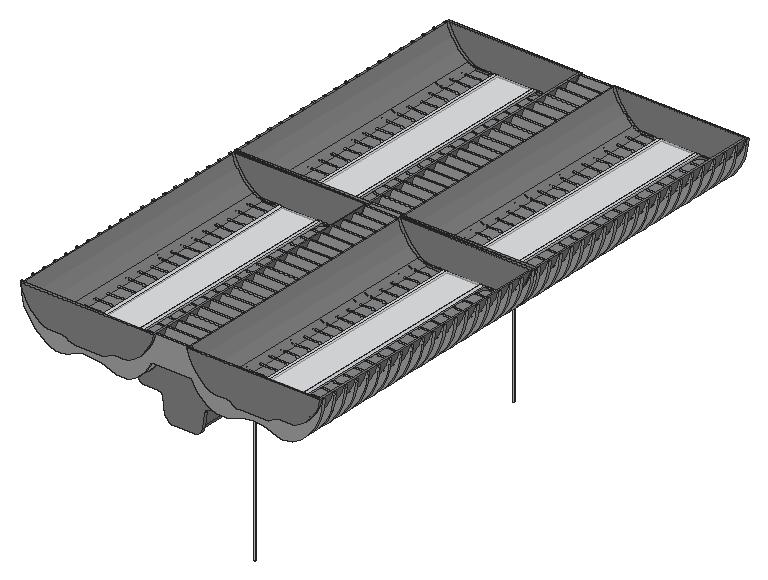
Revit family "0039271 Feilo Sylvania Lighting Fixtures SYLBAY LED 4000K 37KLM AISLE DALI", category Lighting Fixtures, host Face, Revit 2017 (continued)
Definition of nested family "SylbayBody"
  Definition of nested family "SlybayRib"
    Forms (mm)
      Extrusion 2, solid, material <- "BodyMaterial"
        sketch origin (0, 0, 0) x (1, 0, 0) y (0, 0, 1)
          loop
            arc (-117.917, -43.728) -> (-121.079, -43.215) -> (-123.917, -41.728) r 10
            line (-123.917, -41.728) -> (-126.583, -39.728)
            arc (-126.583, -39.728) -> (-129.421, -38.242) -> (-132.583, -37.728) r 10
            line (-132.583, -37.728) -> (-145.75, -37.728)
            arc (-145.75, -37.728) -> (-153.193, -36.71) -> (-160.088, -33.728) r 27.697
            arc (-160.088, -33.728) -> (-176.046, -19.314) -> (-185.5, 0) r 56.788
            line (-185.5, 0) -> (-187.5, 0)
        from 1.25 <- "RibExtrusionStart_FEILO" to -1.25 <- "RibExtrusionEnd_FEILO"
    Dimensions and locks
      equal spacing: plane 5, plane 3 "Center (Left/Right)", plane 4
      locked: plane 5 to plane 4 at 375
      locked: plane 6 to plane 7 at 62.478
      locked: plane 6 to plane 8 at 53.728
      equal spacing: plane 10, plane 3 "Center (Left/Right)", plane 9
      plane 3 "Center (Left/Right)" to plane 9 = 102.75 mm
      locked: plane 6 to plane 11 at 33.728
      equal spacing: plane 13, plane 9, plane 12
      locked: plane 14 to plane 8 at 10
      equal spacing: plane 16, plane 9, plane 15
      locked: plane 9 to plane 15 at 20
      locked: plane 17 to plane 14 at 6
      equal spacing: plane 19, plane 9, plane 18
      locked: plane 15 to plane 18 at 8
      equal spacing: plane 21, plane 9, plane 20
      locked: plane 18 to plane 20 at 15
      locked: plane 13 to plane 22 at 5.3
      locked: plane 3 "Center (Left/Right)" to Extrusion 2 sketch curve at 83.982  (x2)
      locked: plane 3 "Center (Left/Right)" to Extrusion 2 sketch curve at 79.005  (x2)
      locked: plane 3 "Center (Left/Right)" to Extrusion 2 sketch curve at 119.907  (x2)
      locked: plane 3 "Center (Left/Right)" to Extrusion 2 sketch curve at 61.405  (x2)
      locked: plane 3 "Center (Left/Right)" to Extrusion 2 sketch curve at 138.973  (x2)
      locked: plane 3 "Center (Left/Right)" to Extrusion 2 sketch curve at 84.583  (x2)
      locked: plane 3 "Center (Left/Right)" to Extrusion 2 sketch curve at 117.917  (x2)
      locked: plane 3 "Center (Left/Right)" to Extrusion 2 sketch curve at 132.583  (x2)
      locked: plane 3 "Center (Left/Right)" to Extrusion 2 sketch curve at 69.917  (x2)
      locked: Extrusion 2 sketch curve to plane 6 at 21.825  (x2)
      locked: Extrusion 2 sketch curve to plane 6 at 0.822  (x2)
      locked: plane 6 to Extrusion 2 sketch curve at 10.994  (x2)
      locked: plane 6 to Extrusion 2 sketch curve at 15.285  (x2)
      locked: plane 6 to Extrusion 2 sketch curve at 31.076  (x2)
      locked: plane 6 to Extrusion 2 sketch curve at 33.728  (x4)
      locked: plane 6 to Extrusion 2 sketch curve at 29.917  (x2)
      locked: plane 6 to Extrusion 2 sketch curve at 47.728  (x4)
      locked: plane 6 to Extrusion 2 sketch curve at 100.413  (x2)
      locked: plane 6 to Extrusion 2 sketch curve at 141.419  (x2)
      locked: plane 3 "Center (Left/Right)" to Extrusion 2 sketch curve at 106.788  (x2)
      locked: plane 3 "Center (Left/Right)" to Extrusion 2 sketch curve at 104.198  (x2)
      locked: plane 3 "Center (Left/Right)" to Extrusion 2 sketch curve at 130.69  (x2)
      locked: Extrusion 2 sketch curve to plane 6 at 14.858  (x2)
      locked: plane 6 to Extrusion 2 sketch curve at 10.032  (x2)
      locked: plane 3 "Center (Left/Right)" to Extrusion 2 sketch curve at 145.75  (x2)
      aligned and locked: plane 2 to Extrusion 1
      aligned and locked: level to Extrusion 1
      aligned and locked: plane 6 to Extrusion 2 sketch curve
      aligned and locked: plane 4 to Extrusion 2 sketch curve
      aligned and locked: plane 17 to Extrusion 2 sketch curve
      aligned and locked: plane 14 to Extrusion 2 sketch curve
      aligned and locked: Extrusion 2 sketch curve to plane 17
      aligned and locked: plane 8 to Extrusion 2 sketch curve  (x3)
      aligned and locked: plane 2 to plane 6
      aligned and locked: plane 20 to Extrusion 2 sketch curve
      aligned and locked: plane 11 to Extrusion 2 sketch curve  (x2)
      aligned and locked: plane 12 to Extrusion 2 sketch curve
      aligned and locked: Extrusion 2 sketch curve to plane 6
      aligned and locked: Extrusion 2 sketch curve to level
      aligned and locked: Extrusion 2 sketch curve to plane 11
    Automatic sketch dimensions
      Extrusion 1 sketch curve to Extrusion 1 sketch curve = 2438.4 mm  (x2)
      Extrusion 2 sketch curve to plane 11 = 0 mm  (x6)
      Extrusion 2 sketch curve to plane 8 = 0 mm  (x7)
      Extrusion 2 sketch curve to plane 17 = 0 mm
      Extrusion 2 sketch curve to plane 5 = 0 mm
      Extrusion 2 sketch curve to plane 14 = 0 mm
      Extrusion 2 sketch curve to plane 17 = 2 mm  (x3)
      Extrusion 2 sketch curve to plane 15 = 1.167 mm
      plane 14 to Extrusion 2 sketch curve = 2 mm  (x3)
      Extrusion 2 sketch curve to plane 19 = 1.167 mm
Definition of nested family "SlybayRib"
  Parameters (values of type "SylbayRib")
    URL = "http://www.feilosylvania.com"
    Type Image = (empty or 0)
    Type Comments = "n/a"
    RibThickness_FEILO = 2.5 mm
    RibExtrusionStart_FEILO = RibThickness_FEILO / 2  # 1.25 mm
    RibExtrusionEnd_FEILO = -RibThickness_FEILO / 2  # -1.25 mm
    RibDistance_FEILO = 0 mm
    Model = ""
    Manufacturer = "Feilo Sylvania"
    Keynote = ""
    Description = "n/a"
    Default Elevation = 1219.2 mm
    Cost = 0
    BodyMaterial = none
    Assembly Code = ""
  Reference planes
    plane 1 "Center (Front/Back)": y = 0
    plane 2: z = 0
    plane 3 "Center (Left/Right)": x = 0
    plane 4: x = -187.5
    plane 5: x = 187.5
    plane 6: z = 0
    plane 7: z = -62.478
    plane 8: z = -53.728
    plane 9: x = -102.75
    plane 10: x = 102.75
    plane 11: z = -33.728
    plane 12: x = -185.5
    plane 13: x = -20
    plane 14: z = -43.728
    plane 15: x = -122.75
    plane 16: x = -82.75
    plane 17: z = -37.728
    plane 18: x = -130.75
    plane 19: x = -74.75
    plane 20: x = -145.75
    plane 21: x = -59.75
    plane 22: x = -25.3
  Forms (mm)
    Extrusion 1, solid
      sketch origin (4.2, 0, 0) x (1, 0, 0) y (0, 1, 0)
        loop
          line (-1219.2, 1219.2) -> (-1219.2, -1219.2) -> (1219.2, -1219.2) -> (1219.2, 1219.2) -> (-1219.2, 1219.2)
      from 0 to -304.8
    Extrusion 2, solid, material <- "BodyMaterial"
      sketch origin (0, 0, 0) x (1, 0, 0) y (0, 0, 1)
        loop
          arc (-187.5, 0) -> (-180.003, -30.129) -> (-159.829, -53.728) r 67.598
          arc (-159.829, -53.728) -> (-143.258, -61.567) -> (-125.169, -58.599) r 30.791
          arc (-125.169, -58.599) -> (-113.533, -54.576) -> (-101.25, -53.728) r 46.777
          arc (-101.25, -53.728) -> (-87.202, -55.765) -> (-73.664, -60.037) r 87.865
          arc (-73.664, -60.037) -> (-55.541, -61.903) -> (-39.258, -53.728) r 32.519
          arc (-39.258, -53.728) -> (-31.199, -44.469) -> (-25.254, -33.728) r 58.361
          line (-25.254, -33.728) -> (25.254, -33.728)
          arc (25.254, -33.728) -> (31.199, -44.469) -> (39.258, -53.728) r 58.361
          arc (39.258, -53.728) -> (55.541, -61.903) -> (73.664, -60.037) r 32.519
          arc (73.664, -60.037) -> (87.202, -55.765) -> (101.25, -53.728) r 87.865
          arc (101.25, -53.728) -> (113.533, -54.576) -> (125.169, -58.599) r 46.777
          arc (125.169, -58.599) -> (143.258, -61.567) -> (159.829, -53.728) r 30.791
          arc (159.829, -53.728) -> (180.003, -30.129) -> (187.5, 0) r 67.598
          line (187.5, 0) -> (185.5, 0)
          arc (185.5, 0) -> (176.046, -19.314) -> (160.088, -33.728) r 56.788
          arc (160.088, -33.728) -> (153.193, -36.71) -> (145.75, -37.728) r 27.697
          line (145.75, -37.728) -> (132.583, -37.728)
          arc (132.583, -37.728) -> (129.421, -38.242) -> (126.583, -39.728) r 10
          line (126.583, -39.728) -> (123.917, -41.728)
          arc (123.917, -41.728) -> (121.079, -43.215) -> (117.917, -43.728) r 10
          line (117.917, -43.728) -> (84.583, -43.728)
          arc (84.583, -43.728) -> (81.421, -43.215) -> (78.583, -41.728) r 10
          line (78.583, -41.728) -> (75.917, -39.728)
          arc (75.917, -39.728) -> (73.079, -38.242) -> (69.917, -37.728) r 10
          line (69.917, -37.728) -> (58.25, -37.728)
          arc (58.25, -37.728) -> (51.55, -36.705) -> (45.461, -33.728) r 22.443
          arc (45.461, -33.728) -> (30.027, -18.905) -> (20, 0) r 67.602
          line (20, 0) -> (-20, 0)
          arc (-20, 0) -> (-30.027, -18.905) -> (-45.461, -33.728) r 67.602
          arc (-45.461, -33.728) -> (-51.55, -36.705) -> (-58.25, -37.728) r 22.443
          line (-58.25, -37.728) -> (-69.917, -37.728)
          arc (-69.917, -37.728) -> (-73.079, -38.242) -> (-75.917, -39.728) r 10
          line (-75.917, -39.728) -> (-78.583, -41.728)
          arc (-78.583, -41.728) -> (-81.421, -43.215) -> (-84.583, -43.728) r 10
          line (-84.583, -43.728) -> (-117.917, -43.728)
          arc (-117.917, -43.728) -> (-121.079, -43.215) -> (-123.917, -41.728) r 10
          line (-123.917, -41.728) -> (-126.583, -39.728)
          arc (-126.583, -39.728) -> (-129.421, -38.242) -> (-132.583, -37.728) r 10
          line (-132.583, -37.728) -> (-145.75, -37.728)
          arc (-145.75, -37.728) -> (-153.193, -36.71) -> (-160.088, -33.728) r 27.697
          arc (-160.088, -33.728) -> (-176.046, -19.314) -> (-185.5, 0) r 56.788
          line (-185.5, 0) -> (-187.5, 0)
      from 1.25 <- "RibExtrusionStart_FEILO" to -1.25 <- "RibExtrusionEnd_FEILO"
  Dimensions and locks
    equal spacing: plane 5, plane 3 "Center (Left/Right)", plane 4
    locked: plane 5 to plane 4 at 375
    locked: plane 6 to plane 7 at 62.478
    locked: plane 6 to plane 8 at 53.728
    equal spacing: plane 10, plane 3 "Center (Left/Right)", plane 9
    plane 3 "Center (Left/Right)" to plane 9 = 102.75 mm
    locked: plane 6 to plane 11 at 33.728
    equal spacing: plane 13, plane 9, plane 12
    locked: plane 14 to plane 8 at 10
    equal spacing: plane 16, plane 9, plane 15
    locked: plane 9 to plane 15 at 20
    locked: plane 17 to plane 14 at 6
    equal spacing: plane 19, plane 9, plane 18
    locked: plane 15 to plane 18 at 8
    equal spacing: plane 21, plane 9, plane 20
    locked: plane 18 to plane 20 at 15
    locked: plane 13 to plane 22 at 5.3
    locked: plane 3 "Center (Left/Right)" to Extrusion 2 sketch curve at 83.982  (x2)
    locked: plane 3 "Center (Left/Right)" to Extrusion 2 sketch curve at 79.005  (x2)
    locked: plane 3 "Center (Left/Right)" to Extrusion 2 sketch curve at 119.907  (x2)
    locked: plane 3 "Center (Left/Right)" to Extrusion 2 sketch curve at 61.405  (x2)
    locked: plane 3 "Center (Left/Right)" to Extrusion 2 sketch curve at 138.973  (x2)
    locked: plane 3 "Center (Left/Right)" to Extrusion 2 sketch curve at 84.583  (x2)
    locked: plane 3 "Center (Left/Right)" to Extrusion 2 sketch curve at 117.917  (x2)
    locked: plane 3 "Center (Left/Right)" to Extrusion 2 sketch curve at 132.583  (x2)
    locked: plane 3 "Center (Left/Right)" to Extrusion 2 sketch curve at 69.917  (x2)
    locked: Extrusion 2 sketch curve to plane 6 at 21.825  (x2)
    locked: Extrusion 2 sketch curve to plane 6 at 0.822  (x2)
    locked: plane 6 to Extrusion 2 sketch curve at 10.994  (x2)
    locked: plane 6 to Extrusion 2 sketch curve at 15.285  (x2)
    locked: plane 6 to Extrusion 2 sketch curve at 31.076  (x2)
    locked: plane 6 to Extrusion 2 sketch curve at 33.728  (x4)
    locked: plane 6 to Extrusion 2 sketch curve at 29.917  (x2)
    locked: plane 6 to Extrusion 2 sketch curve at 47.728  (x4)
    locked: plane 6 to Extrusion 2 sketch curve at 100.413  (x2)
    locked: plane 6 to Extrusion 2 sketch curve at 141.419  (x2)
    locked: plane 3 "Center (Left/Right)" to Extrusion 2 sketch curve at 106.788  (x2)
    locked: plane 3 "Center (Left/Right)" to Extrusion 2 sketch curve at 104.198  (x2)
    locked: plane 3 "Center (Left/Right)" to Extrusion 2 sketch curve at 130.69  (x2)
    locked: Extrusion 2 sketch curve to plane 6 at 14.858  (x2)
    locked: plane 6 to Extrusion 2 sketch curve at 10.032  (x2)
    locked: plane 3 "Center (Left/Right)" to Extrusion 2 sketch curve at 145.75  (x2)
    aligned and locked: plane 2 to Extrusion 1
    aligned and locked: level to Extrusion 1
    aligned and locked: plane 6 to Extrusion 2 sketch curve
    aligned and locked: plane 4 to Extrusion 2 sketch curve
    aligned and locked: plane 17 to Extrusion 2 sketch curve
    aligned and locked: plane 14 to Extrusion 2 sketch curve
    aligned and locked: Extrusion 2 sketch curve to plane 17
    aligned and locked: plane 8 to Extrusion 2 sketch curve  (x3)
    aligned and locked: plane 2 to plane 6
    aligned and locked: plane 20 to Extrusion 2 sketch curve
    aligned and locked: plane 11 to Extrusion 2 sketch curve  (x2)
    aligned and locked: plane 12 to Extrusion 2 sketch curve
    aligned and locked: Extrusion 2 sketch curve to plane 6
    aligned and locked: Extrusion 2 sketch curve to level
    aligned and locked: Extrusion 2 sketch curve to plane 11
  Automatic sketch dimensions
    Extrusion 1 sketch curve to Extrusion 1 sketch curve = 2438.4 mm  (x2)
    Extrusion 2 sketch curve to plane 11 = 0 mm  (x6)
    Extrusion 2 sketch curve to plane 8 = 0 mm  (x7)
    Extrusion 2 sketch curve to plane 17 = 0 mm
    Extrusion 2 sketch curve to plane 5 = 0 mm
    Extrusion 2 sketch curve to plane 14 = 0 mm
    Extrusion 2 sketch curve to plane 17 = 2 mm  (x3)
    Extrusion 2 sketch curve to plane 15 = 1.167 mm
    plane 14 to Extrusion 2 sketch curve = 2 mm  (x3)
    Extrusion 2 sketch curve to plane 19 = 1.167 mm
